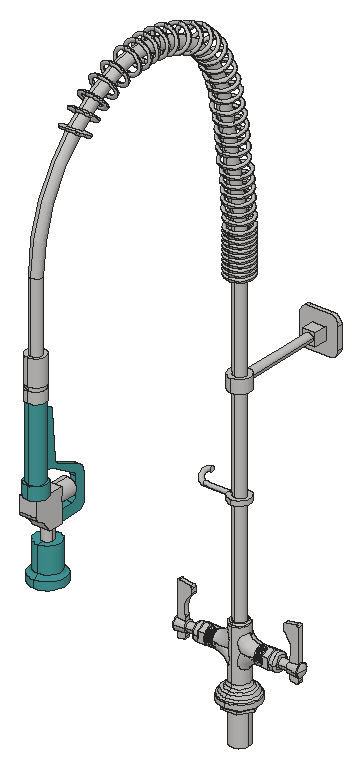
Revit family "Krowne_17-202WL_DeckMount_Pre-Rinse_Faucet", category Plumbing Fixtures, Revit 2018
Family settings
  Round Connector Dimension = Use Diameter
  Part Type = Normal
  OmniClass Number = 23.40.40.00
  OmniClass Title = Food Service Equipment and Furnishings
  Work Plane-Based = No
  Always vertical = Yes
  Cut with Voids When Loaded = No
  Shared = No
  Room Calculation Point = No
Parameters (values of type "DefaultType")
  Width = 7 5/16"
  Weight in Pounds = 5
  Watermarked By = ""
  Waste Water Discharge Temperature [instance] = -459.67 °F
  URL Cutsheet = ""
  URL = "https://krowne.com/"
  Status [instance] = ""
  Specification by User [instance] = ""
  Specification by Manufacturer [instance] = ""
  Serial Number [instance] = ""
  Revision Code [instance] = ""
  Plumbing Remarks [instance] = ""
  Plumbing Connection Type = ""
  NAFEM Spec ID Number [instance] = ""
  Model = "17-202WL"
  Masterspec [instance] = ""
  Manufacturer = "Krowne Metal"
  KCLRef = "KCL2C9,,0004c5ac-0000-0000-0000-000000000307,KR,17-202WL ,637171303380000000,108b3377-1ae2-48b4-b76d-e128d8899492,9506433c-31fe-4286-a693-e3004dd24cfc"
  KCL SpecSheet URL = "http://kclweb.kclcad.com/imagehandler.ashx?kdoc=17-202wl&R=KR&M=17-202WL%20&VC=7&TID=KCLWeb&T=doc"
  Item Number [instance] = "-"
  Installed By [instance] = ""
  Hot Water Temperature = 100 °F
  Hot Water Size = 1/2"
  Hot Water RI Height [instance] = 0"
  Hot Water Minimum Pressure = 0.00 psi
  Hot Water Maximum Pressure = 0.00 psi
  Hot Water Flow = 1.2 GPM
  Hot Water Consumption = 0 GPM
  Hot Water Connection Height = 0"
  Height = 3 3/8"
  Furnished By [instance] = ""
  Foodservice Equipment Identifier = yes
  Description = "Deck Mount Pre-Rinse"
  Depth = 1 7/8"
  Cold Water Temperature Recommended = -459.67 °F
  Cold Water Size = 1/2"
  Cold Water RI Height [instance] = 0"
  Cold Water Minimum Pressure = 0.00 psi
  Cold Water Maximum Pressure = 0.00 psi
  Cold Water Flow = 1.2 GPM
  Cold Water Consumption = ""
  Cold Water Connection Height = 0"
  CSI MasterFormat = ""
  Assembly Code = "E1090300"
Reference planes (in)
  plane 1 "BACK": y = 0
  plane 2: z = 0
  plane 3 "LEFT": x = -16.22198
  plane 4 "RIGHT": x = -8.90948
  plane 5 "CENTER L/R": x = -12.56573
  plane 6: y = -0.9375
  plane 7: y = -15
  plane 8: z = 3.8125
  plane 9: x = -13.69073
  plane 10: x = -11.44073
  plane 11: z = 4.875
  plane 12: z = 2.875
  plane 13: z = 5.1875
  plane 14: z = 6.8125
Dimensions and locks (in)
  "Width": plane 3 "LEFT" to plane 4 "RIGHT"
  plane 6 to plane 1 "BACK" = 15/16"
  equal spacing: plane 3 "LEFT", plane 5 "CENTER L/R", plane 4 "RIGHT"
  plane 7 to plane 6 = 14 1/16"
  equal spacing: plane 9, plane 5 "CENTER L/R", plane 10
  plane 9 to plane 10 = 2 1/4"
  plane 11 to plane 8 = 1 1/16"
  plane 8 to plane 12 = 15/16"
  locked: plane 13 to plane 11 at 0.3125
  locked: plane 14 to plane 13 at 1.625
  aligned and locked: level to plane 2
Nested families (in)
  nested 1: "QF_Krowne_17-202_Body" at (-0.1875, 0.1875, 0), type "QF_Krowne_17-202_Body"
  nested 2: "Spring_Faucet_Hose" at (-0.21875, -0.9375, -0.125), type "Spring_Faucet_Hose"
Connectors (in)
  piping at (-14.59698, -0.9375, -6.8125), diameter 0.5, driven by "Hot Water Flow", driven by "Hot Water Size"
    settings: on nested 1, index 1, connector inside diameter 24", connector length 0", flow factor 0, pipe flow 1.2 GPM, pressure drop 0.00 psi, fitting loss kfactor 0, connector angle 0.00°, fixture units 0, engagement length 0", angle of deflection 0.00°, flow configuration 1, flow direction 1, fitting loss method 0, system type 19, joint type 0, gender type 0, connector reference index -1, connector utility 0, adjustable connector no, is connector primary yes, connector description "HOT WATER"
  piping at (-10.53448, -0.9375, -6.8125), diameter 0.5, driven by "Cold Water Flow", driven by "Cold Water Size"
    settings: on nested 1, index 2, connector inside diameter 24", connector length 0", flow factor 0, pipe flow 1.2 GPM, pressure drop 0.00 psi, fitting loss kfactor 0, connector angle 0.00°, fixture units 0, engagement length 0", angle of deflection 0.00°, flow configuration 1, flow direction 1, fitting loss method 0, system type 20, joint type 0, gender type 0, connector reference index -1, connector utility 0, adjustable connector no, is connector primary no, connector description "COLD WATER"
Definition of nested family "QF_Krowne_17-202_Body"
  Parameters (values of type "QF_Krowne_17-202_Body")
    Width = 2 1/4"
    Watermarked By = ""
    Height = 3 7/8"
    Description = ""
    Depth = 2 1/4"
    Bottom Connections [instance] = no
  Reference planes (in)
    plane 1 "BACK": y = 0
    plane 2: z = 0
    plane 3 "LEFT": x = -13.50323
    plane 4 "RIGHT": x = -11.25323
    plane 5 "Center": x = -12.37823
    plane 6 "FRONT": y = -2.25
    plane 7 "Faucet Handle Center": y = -1.125
    plane 8: z = 4.1875
    plane 9 "Far Left": x = -14.06573
    plane 10 "Far Right": x = -10.69073
    plane 11 "1": x = -14.23366
  Forms (in)
    Extrusion 1, solid
      sketch origin (0, 0, 0) x (1, 0, 0) y (0, 1, 0)
        loop
          circle (-12.37823, -1.125) r 0.5625
      from 0 to -2.3125
    Extrusion 2, solid, visible <- "Bottom Connections"
      sketch origin (0, 0, -2.3125) x (0, 1, 0) y (1, 0, 0)
        loop
          line (-1.48584, -11.75323) -> (-1.84669, -12.37823) -> (-1.48584, -13.00323) -> (-0.76416, -13.00323) -> (-0.40331, -12.37823) -> (-0.76416, -11.75323) -> (-1.48584, -11.75323)
      from 0 to 0.625
    Extrusion 3, solid, visible <- "Bottom Connections"
      sketch origin (0, 0, -2.9375) x (-1, 0, 0) y (0, 1, 0)
        loop
          circle (12.37823, -1.125) r 0.36649
      from 0 to 1.12288
    Sweep 4, solid, visible <- "Bottom Connections"
      path origin (0, -1.125, 0) x (1, 0, 0) y (0, 0, 1)
        loop
          line (-10.34698, -5.125) -> (-10.34698, -4.9375)
          arc (-10.34698, -4.9375) -> (-10.58495, -4.36298) -> (-11.15948, -4.125) r 0.8125
          line (-11.15948, -4.125) -> (-13.59698, -4.125)
          arc (-13.59698, -4.125) -> (-14.1715, -4.36298) -> (-14.40948, -4.9375) r 0.8125
          line (-14.40948, -4.9375) -> (-14.40948, -5.125)
      profile origin (-14.40948, -1.125, -5.03125) x (0, -1, 0) y (1, 0, 0)
        loop
          circle (0, 0) r 0.375
        loop
          circle (0, 0) r 0.25
    Extrusion 5, solid, visible <- "Bottom Connections"
      sketch origin (-14.40948, -1.125, -5.125) x (-1, 0, 0) y (0, 1, 0)
        loop
          line (-0.4375, -0.25259) -> (0, -0.50518) -> (0.4375, -0.25259) -> (0.4375, 0.25259) -> (0, 0.50518) -> (-0.4375, 0.25259) -> (-0.4375, -0.25259)
        loop
          line (-3.625, -0.25259) -> (-3.625, 0.25259) -> (-4.0625, 0.50518) -> (-4.5, 0.25259) -> (-4.5, -0.25259) -> (-4.0625, -0.50518) -> (-3.625, -0.25259)
      from 0 to 0.5625
    Revolve 6, solid
      sketch origin (-12.37823, 0, 0) x (0, 1, 0) y (0, 0, 1)
        loop
          line (-1.125, 4.1875) -> (-1.125, 0) -> (0, 0) -> (0, 0.28661)
          arc (0, 0.28661) -> (-0.00476, 0.31053) -> (-0.01831, 0.33081) r 0.0625
          line (-0.01831, 0.33081) -> (-0.13939, 0.45189) -> (-0.2163, 0.61716) -> (-0.38157, 0.69407) -> (-0.50266, 0.81516)
          arc (-0.50266, 0.81516) -> (-0.5608, 0.90643) -> (-0.57493, 1.01372) r 0.25
          arc (-0.57493, 1.01372) -> (-0.50586, 2.52749) -> (-0.56291, 4.04177) r 18.20681
          arc (-0.56291, 4.04177) -> (-0.56846, 4.06301) -> (-0.58102, 4.08102) r 0.0625
          line (-0.58102, 4.08102) -> (-0.66919, 4.16919)
          arc (-0.66919, 4.16919) -> (-0.68947, 4.18274) -> (-0.71339, 4.1875) r 0.0625
          line (-0.71339, 4.1875) -> (-1.125, 4.1875)
        axis (-1.125, 4.1875) -> (-1.125, 0)
      angle from 0 to 360
    Sweep 7, solid
      path origin (0, -1.125, 0) x (1, 0, 0) y (0, 0, 1)
        loop
          line (-14.06573, 2.75) -> (-13.62823, 2.75)
          arc (-13.62823, 2.75) -> (-12.74434, 3.11612) -> (-12.37823, 4) r 1.25
      profile origin (-13.84698, -1.125, 2.75) x (0, 0, 1) y (0, -1, 0)
        loop
          circle (0, 0) r 0.5
    Sweep 8, solid
      path origin (-24.75645, -1.125, 0) x (-1, 0, 0) y (0, 0, 1)
        loop
          line (-14.06573, 2.75) -> (-13.62823, 2.75)
          arc (-13.62823, 2.75) -> (-12.74434, 3.11612) -> (-12.37823, 4) r 1.25
      profile origin (-10.90948, -1.125, 2.75) x (0, 0, -1) y (0, -1, 0)
        loop
          circle (0, 0) r 0.5
    Sweep 9, solid
      path origin (-24.75645, -1.125, 5.5) x (-1, 0, 0) y (0, 0, -1)
        loop
          line (-14.06573, 2.75) -> (-13.62823, 2.75)
          arc (-13.62823, 2.75) -> (-12.74434, 3.11612) -> (-12.37823, 4) r 1.25
      profile origin (-10.90948, -1.125, 2.75) x (0, 0, -1) y (0, -1, 0)
        loop
          circle (0, 0) r 0.5
    Sweep 10, solid
      path origin (0, -1.125, 5.5) x (1, 0, 0) y (0, 0, -1)
        loop
          line (-14.06573, 2.75) -> (-13.62823, 2.75)
          arc (-13.62823, 2.75) -> (-12.74434, 3.11612) -> (-12.37823, 4) r 1.25
      profile origin (-13.84698, -1.125, 2.75) x (0, 0, 1) y (0, -1, 0)
        loop
          circle (0, 0) r 0.5
    Extrusion 11, solid
      sketch origin (-12.37823, -1.125, 0) x (0, 1, 0) y (1, 0, 0)
        loop
          circle (0, 0) r 1
      from 0 to 0.125
    Extrusion 12, solid
      sketch origin (-12.37823, -1.125, -0.125) x (-1, 0, 0) y (0, 1, 0)
        loop
          line (0.9087, 0) -> (0.45435, 0.78696) -> (-0.45435, 0.78696) -> (-0.9087, 0) -> (-0.45435, -0.78696) -> (0.45435, -0.78696) -> (0.9087, 0)
      from 0 to 0.25
  Lines and regions (in)
    symbolic lines
      curve 1: arc (-12.37823, 0, 0) -> (-13.50323, -1.125, 0) -> (-12.37823, -2.25, 0) r 1.125
      curve 2: arc (-12.37823, -2.25, 0) -> (-11.25323, -1.125, 0) -> (-12.37823, 0, 0) r 1.125
      curve 3: line (-14.06573, -0.63786, 0) -> (-13.39229, -0.63786, 0)
      curve 4: line (-10.69073, -0.63786, 0) -> (-11.36416, -0.63786, 0)
      curve 5: line (-10.69073, -1.61214, 0) -> (-11.36416, -1.61214, 0)
      curve 6: line (-14.06573, -1.61214, 0) -> (-13.39229, -1.61214, 0)
      curve 7: circle (-12.37823, -1.125, 0) r 0.61193 normal (0, 0, 1)
  Dimensions and locks (in)
    "Width": plane 3 "LEFT" to plane 4 "RIGHT"
    equal spacing: plane 3 "LEFT", plane 5 "Center", plane 4 "RIGHT"
    equal spacing: plane 6 "FRONT", plane 7 "Faucet Handle Center", plane 1 "BACK"
    "Depth": plane 6 "FRONT" to plane 1 "BACK"
    plane 8 to level = 4 3/16"
    aligned and locked: level to plane 2
  Automatic sketch dimensions
    curve 1 to curve 2 = 0"  (x2)
    curve 1 to curve 7 = 0"  (x2)
    curve 2 to curve 7 = 0"  (x2)
    curve 3 to plane 9 "Far Left" = 0"
    curve 6 to plane 9 "Far Left" = 0"
    curve 2 to plane 5 "Center" = 0"
    curve 4 to plane 10 "Far Right" = 0"
    curve 5 to plane 10 "Far Right" = 0"
    plane 6 "FRONT" to curve 1 = 0"
    plane 7 "Faucet Handle Center" to curve 7 = 0"
    plane 3 "LEFT" to curve 6 = 0.11094"
    plane 3 "LEFT" to curve 3 = 0.11094"
    curve 4 to plane 4 "RIGHT" = 0.11094"
    curve 5 to plane 4 "RIGHT" = 0.11094"
    Extrusion 1 sketch curve to plane 5 "Center" = 0"
    plane 7 "Faucet Handle Center" to Extrusion 1 sketch curve = 0"
    Extrusion 2 to Extrusion 3 sketch curve = 5/8"  (x2)
    Sweep 4 sketch curve to plane 11 "1" = 0.17581"
    Sweep 4 sketch curve to plane 3 "LEFT" = 3/32"
    plane 4 "RIGHT" to Sweep 4 sketch curve = 3/32"
    plane 10 "Far Right" to Sweep 4 sketch curve = 11/32"
    Sweep 4 sketch curve to level = 4 15/16"
    Sweep 4 sketch curve to Sweep 4 sketch curve = 3/16"  (x2)
    Sweep 4 sketch curve to Sweep 4 sketch curve = 0"  (x2)
    plane 7 "Faucet Handle Center" to Sweep 4 sketch curve = 0"
    Sweep 4 sketch curve to profile plane = 0"
    Extrusion 5 sketch curve to Extrusion 5 sketch curve = 7/16"  (x6)
    Extrusion 5 sketch curve to Extrusion 5 sketch curve = 3 3/16"
    Extrusion 5 sketch curve to Extrusion 5 sketch curve = 0"
    Extrusion 5 sketch curve to Extrusion 5 sketch curve = 0.25259"  (x6)
    Extrusion 5 sketch curve to Extrusion 5 sketch curve = 0.50518"  (x4)
    Sweep 7 sketch curve to plane 9 "Far Left" = 0"
    Sweep 7 sketch curve to plane 5 "Center" = 0"
    Sweep 7 sketch curve to plane 3 "LEFT" = 1/8"
    Sweep 7 sketch curve to plane 8 = 1 7/16"
    Sweep 7 sketch curve to plane 7 "Faucet Handle Center" = 0"
    profile plane to Sweep 7 sketch curve = 0"
    Sweep 8 sketch curve to plane 10 "Far Right" = 0"
    Sweep 8 sketch curve to plane 5 "Center" = 0"
    Sweep 8 sketch curve to plane 4 "RIGHT" = 1/8"
    plane 8 to Sweep 8 sketch curve = 1 7/16"
    Sweep 8 sketch curve to plane 7 "Faucet Handle Center" = 0"
    Sweep 8 sketch curve to profile plane = 0"
    Sweep 9 sketch curve to plane 10 "Far Right" = 0"
    Sweep 9 sketch curve to plane 5 "Center" = 0"
    plane 4 "RIGHT" to Sweep 9 sketch curve = 1/8"
    Sweep 9 sketch curve to plane 8 = 1 7/16"
    Sweep 9 sketch curve to plane 7 "Faucet Handle Center" = 0"
    Sweep 9 sketch curve to profile plane = 0"
    Sweep 10 sketch curve to plane 9 "Far Left" = 0"
    Sweep 10 sketch curve to plane 5 "Center" = 0"
    plane 3 "LEFT" to Sweep 10 sketch curve = 1/8"
    plane 8 to Sweep 10 sketch curve = 1 7/16"
    Sweep 10 sketch curve to plane 7 "Faucet Handle Center" = 0"
    profile plane to Sweep 10 sketch curve = 0"
    Revolve 6 sketch curve to plane 7 "Faucet Handle Center" = 0"  (x2)
    Revolve 6 sketch curve to level = 0"  (x2)
    Revolve 6 sketch curve to plane 8 = 0"  (x2)
    Revolve 6 sketch curve to plane 1 "BACK" = 0"
    Revolve 6 sketch curve to plane 8 = 1.58771"
    plane 6 "FRONT" to Revolve 6 sketch curve = 16.46253"
    Revolve 6 sketch curve to plane 8 = 1/16"
    Revolve 6 sketch curve to plane 7 "Faucet Handle Center" = 0.41161"
    Revolve 6 sketch curve to plane 8 = 0.01831"
    Revolve 6 sketch curve to Revolve 6 sketch curve = 0.08818"
    Revolve 6 sketch curve to plane 8 = 0.10648"
    Revolve 6 sketch curve to Revolve 6 sketch curve = 0.04419"  (x2)
    Revolve 6 sketch curve to Revolve 6 sketch curve = 0.17678"  (x2)
    plane 1 "BACK" to Revolve 6 sketch curve = 1/16"
    plane 1 "BACK" to Revolve 6 sketch curve = 0.01831"
    Revolve 6 sketch curve to Revolve 6 sketch curve = 0.28661"
    Revolve 6 sketch curve to Revolve 6 sketch curve = 0"
    Revolve 6 sketch curve to Revolve 6 sketch curve = 31/256"  (x3)
    plane 1 "BACK" to Revolve 6 sketch curve = 0.50266"
    plane 1 "BACK" to Revolve 6 sketch curve = 0.13939"
    Revolve 6 sketch curve to Revolve 6 sketch curve = 0.07691"  (x2)
    Revolve 6 sketch curve to Revolve 6 sketch curve = 0.16527"
    radius of curve 7 = 0.61193"
    radius of Extrusion 1 sketch curve = 9/16"
    radius of Extrusion 3 sketch curve = 0.36649"
    radius of Sweep 4 sketch curve = 3/8"
    radius of Sweep 4 sketch curve = 1/4"
    radius of Sweep 7 sketch curve = 1/2"
    radius of Sweep 8 sketch curve = 1/2"
    radius of Sweep 9 sketch curve = 1/2"
    radius of Sweep 10 sketch curve = 1/2"
    radius of Extrusion 11 sketch curve to Revolve 6 = 1/8"
  Nested families (in)
    nested 1: "QF_Krowne_Faucet_Knob" at (-2.3125, -0.21875, 2.75), type "QF_Krowne_Faucet_Knob"
    nested 2: "QF_Krowne_Faucet_Knob" at (-22.44395, -0.21875, 2.75) x (-1, 0, 0) z (0, 0, 1), type "QF_Krowne_Faucet_Knob"
  Definition of nested family "QF_Krowne_Faucet_Knob"
    Parameters (values of type "QF_Krowne_Faucet_Knob")
      Width = 12 3/4"
      Watermarked By = ""
      Height = 3 7/8"
      Description = ""
      Depth = 1 13/16"
    Reference planes (in)
      plane 1 "BACK": y = 0
      plane 2: z = 0
      plane 3 "Right of Handle": x = -8.37823
      plane 4 "FRONT": y = -1.8125
      plane 5 "Faucet Handle Center": y = -0.90625
      plane 6: y = -0.78125
      plane 7: y = -1.03125
    Forms (in)
      Extrusion 1, solid
        sketch origin (-8.37823, 0, 8.37823) x (0, 1, 0) y (0, 0, 1)
          loop
            line (-0.90625, -7.81573) -> (-1.39339, -8.09698) -> (-1.39339, -8.65948) -> (-0.90625, -8.94073) -> (-0.41911, -8.65948) -> (-0.41911, -8.09698) -> (-0.90625, -7.81573)
        from 0 to 0.375
      Revolve 2, solid
        sketch origin (-12.37823, 0, 0) x (0, 1, 0) y (-1, 0, 0)
          loop
            line (-0.90625, -4.375) -> (-0.90625, -4.75) -> (-0.53125, -4.75)
            arc (-0.53125, -4.75) -> (-0.44286, -4.71339) -> (-0.40625, -4.625) r 0.125
            line (-0.40625, -4.625) -> (-0.40625, -4.375) -> (-0.90625, -4.375)
          axis (-0.90625, -4.375) -> (-0.90625, -4.75)
        angle from 0 to 360
      Revolve 3, solid
        sketch origin (-12.37823, 0, 0) x (0, 1, 0) y (-1, 0, 0)
          loop
            line (-0.90625, -4.75) -> (-0.90625, -5.3125) -> (-0.65625, -5.3125) -> (-0.65625, -4.75) -> (-0.90625, -4.75)
          axis (-0.90625, -4.75) -> (-0.90625, -5.3125)
        angle from 0 to 360
      Revolve 4, solid
        sketch origin (-12.37823, 0, 0) x (0, 1, 0) y (-1, 0, 0)
          loop
            line (-0.90625, -5.3125) -> (-0.90625, -5.9375) -> (-0.53125, -5.9375) -> (-0.59375, -5.3125) -> (-0.90625, -5.3125)
          axis (-0.90625, -5.3125) -> (-0.90625, -5.9375)
        angle from 0 to 360
      Revolve 5, solid
        sketch origin (-12.37823, 0, 0) x (0, 1, 0) y (-1, 0, 0)
          loop
            line (-0.90625, -5.9375) -> (-0.90625, -6.0625)
            arc (-0.90625, -6.0625) -> (-0.70704, -6.03513) -> (-0.53125, -5.9375) r 0.54601
            line (-0.53125, -5.9375) -> (-0.90625, -5.9375)
          axis (-0.90625, -5.9375) -> (-0.90625, -6.0625)
        angle from 0 to 360
      Extrusion 6, solid
        sketch origin (-12.37823, -0.90625, 8.37823) x (0, 0, 1) y (-1, 0, 0)
          loop
            arc (-6.12823, -5.875) -> (-6.03156, -5.82925) -> (-6.00565, -5.72549) r 0.125
            line (-6.00565, -5.72549) -> (-6.13064, -5.10053)
            arc (-6.13064, -5.10053) -> (-6.17396, -5.02837) -> (-6.25321, -5.00004) r 0.125
            line (-6.25321, -5.00004) -> (-6.5031, -5.00004)
            arc (-6.5031, -5.00004) -> (-6.55588, -5.01173) -> (-6.59879, -5.04462) r 0.125
            arc (-6.59879, -5.04462) -> (-7.17151, -5.40979) -> (-7.85017, -5.38199) r 1.13354
            arc (-7.85017, -5.38199) -> (-7.871, -5.37648) -> (-7.89247, -5.37462) r 0.125
            line (-7.89247, -5.37462) -> (-8.92568, -5.37462)
            arc (-8.92568, -5.37462) -> (-9.00493, -5.40295) -> (-9.04825, -5.47511) r 0.125
            line (-9.04825, -5.47511) -> (-9.09832, -5.72549)
            arc (-9.09832, -5.72549) -> (-9.07242, -5.82925) -> (-8.97575, -5.875) r 0.125
            line (-8.97575, -5.875) -> (-6.12823, -5.875)
        from -0.125 to 0.125
    Lines and regions (in)
      symbolic lines
        curve 1: line (-8.37823, -1.39339, 1.0625) -> (-8.37823, -0.41911, 1.0625)
        curve 2: line (-8.00323, -0.41911, 1.0625) -> (-8.00323, -1.39339, 1.0625)
        curve 3: line (-7.62823, -0.54411, 1.0625) -> (-7.62823, -1.26839, 1.0625)
        curve 4: line (-7.75323, -0.41911, 1.0625) -> (-8.37823, -0.41911, 1.0625)
        curve 5: line (-8.37823, -1.39339, 1.0625) -> (-7.75323, -1.39339, 1.0625)
        curve 6: line (-7.06573, -0.59375, 1.0625) -> (-7.06573, -1.21875, 1.0625)
        curve 7: line (-6.44073, -0.53125, 1.0625) -> (-6.44073, -1.28125, 1.0625)
        curve 8: arc (-7.62823, -0.54411, 1.0625) -> (-7.66484, -0.45572, 1.0625) -> (-7.75323, -0.41911, 1.0625) r 0.125
        curve 9: arc (-7.75323, -1.39339, 1.0625) -> (-7.66484, -1.35678, 1.0625) -> (-7.62823, -1.26839, 1.0625) r 0.125
        curve 10: line (-7.06573, -0.59375, 1.0625) -> (-6.44073, -0.53125, 1.0625)
        curve 11: line (-7.06573, -1.21875, 1.0625) -> (-6.44073, -1.28125, 1.0625)
        curve 12: arc (-6.44073, -1.28125, 1.0625) -> (-6.2854, -0.90625, 1.0625) -> (-6.44073, -0.53125, 1.0625) r 0.53035
        curve 13: line (-7.62823, -0.66911, 1.0625) -> (-7.06573, -0.66911, 1.0625)
        curve 14: line (-7.62823, -1.14339, 1.0625) -> (-7.06573, -1.14339, 1.0625)
    Dimensions and locks (in)
      equal spacing: plane 4 "FRONT", plane 5 "Faucet Handle Center", plane 1 "BACK"
      equal spacing: plane 7, plane 5 "Faucet Handle Center", plane 6
      locked: plane 7 to plane 6 at 0.25
      "Depth": plane 4 "FRONT" to plane 1 "BACK"
      aligned and locked: level to plane 2
      aligned and locked: Revolve 2 sketch curve to Extrusion 1
      aligned and locked: Revolve 4 sketch curve to Revolve 4 sketch curve
    Automatic sketch dimensions
      Extrusion 1 sketch curve to plane 5 "Faucet Handle Center" = 0"  (x2)
      Extrusion 1 sketch curve to level = 9/32"  (x2)
      plane 7 to Extrusion 1 sketch curve = 0.36214"
      Extrusion 1 sketch curve to plane 6 = 0.36214"
      Extrusion 1 sketch curve to level = 9/16"
      level to Extrusion 1 sketch curve = 9/32"  (x2)
      Extrusion 1 sketch curve to Extrusion 1 sketch curve = 9/32"
      plane 5 "Faucet Handle Center" to Revolve 2 sketch curve = 0"  (x2)
      Revolve 2 sketch curve to plane 6 = 1/4"
      Revolve 2 sketch curve to Revolve 2 sketch curve = 1/8"
      Revolve 2 sketch curve to Revolve 2 sketch curve = 0"  (x2)
      Revolve 2 sketch curve to Revolve 2 sketch curve = 1/4"
      plane 5 "Faucet Handle Center" to Revolve 3 sketch curve = 0"  (x2)
      Revolve 3 sketch curve to plane 6 = 1/8"
      plane 3 "Right of Handle" to Revolve 3 sketch curve = 1 5/16"
      Revolve 3 sketch curve to Revolve 3 sketch curve = 9/16"
      Revolve 3 sketch curve to Revolve 3 sketch curve = 0"
      Revolve 3 sketch curve to Revolve 3 sketch curve = 3/8"
      plane 5 "Faucet Handle Center" to Revolve 4 sketch curve = 0"
      Revolve 4 sketch curve to plane 6 = 3/16"
      Revolve 4 sketch curve to plane 6 = 1/4"
      plane 3 "Right of Handle" to Revolve 4 sketch curve = 1 15/16"
      Revolve 4 sketch curve to Revolve 4 sketch curve = 5/8"
      Revolve 4 sketch curve to Revolve 4 sketch curve = 0"  (x2)
      plane 5 "Faucet Handle Center" to Revolve 5 sketch curve = 0"  (x2)
      Revolve 5 sketch curve to plane 5 "Faucet Handle Center" = 0.02655"
      Revolve 5 sketch curve to plane 6 = 1/4"
      plane 3 "Right of Handle" to Revolve 5 sketch curve = 2 1/16"
      Revolve 5 sketch curve to Revolve 5 sketch curve = 1/8"
      Revolve 5 sketch curve to Revolve 5 sketch curve = 0"  (x2)
      Extrusion 6 sketch curve to level = 0.7201"
      Extrusion 6 sketch curve to Extrusion 6 sketch curve = 0.05007"
      Extrusion 6 sketch curve to Extrusion 6 sketch curve = 0.12257"  (x4)
      level to Extrusion 6 sketch curve = 0.48575"
      level to Extrusion 6 sketch curve = 0.91165"
      Extrusion 6 sketch curve to Extrusion 6 sketch curve = 0.96348"
      Extrusion 6 sketch curve to Extrusion 6 sketch curve = 0.24989"
      Extrusion 6 sketch curve to Extrusion 6 sketch curve = 1/8"  (x3)
      plane 3 "Right of Handle" to Extrusion 6 sketch curve = 1 7/8"
      Extrusion 6 sketch curve to Extrusion 6 sketch curve = 0.25038"
      Extrusion 6 sketch curve to Extrusion 6 sketch curve = 0"  (x3)
      Extrusion 6 sketch curve to Extrusion 6 sketch curve = 0.02451"  (x2)
      Extrusion 6 sketch curve to Extrusion 6 sketch curve = 0.62496"
      Extrusion 6 sketch curve to Extrusion 6 sketch curve = 1.05929"
      curve 5 to plane 3 "Right of Handle" = 0"
      plane 5 "Faucet Handle Center" to curve 12 = 0"
      plane 7 to curve 11 = 3/16"
      plane 7 to curve 9 = 0.23714"
      plane 7 to curve 7 = 1/4"
      plane 7 to curve 1 = 0.36214"
      curve 6 to plane 6 = 3/16"
      curve 8 to plane 6 = 0.23714"
      curve 4 to plane 6 = 0.36214"
      curve 4 to curve 1 = 5/8"
      curve 10 to curve 8 = 9/16"
      curve 12 to curve 13 = 0.24997"
      curve 7 to curve 12 = 0.37503"
      curve 6 to curve 14 = 0.07536"
      curve 13 to plane 6 = 0.11214"
      curve 4 to curve 2 = 1/4"
Definition of nested family "Spring_Faucet_Hose"
  Parameters (values of type "Spring_Faucet_Hose")
    Width = 8 3/8"
    Watermarked By = ""
    Height = 3 7/8"
    Description = ""
    Depth = 1 7/8"
  Reference planes (in)
    plane 1 "BACK": y = 0
    plane 2: z = 0
    plane 3 "TOP": z = 3.875
    plane 4 "Center": x = -12.37823
    plane 5 "Top of Body": z = 1.75
    plane 6: z = 0.875
    plane 7: y = -14.0625
    plane 8: z = 37.875
    plane 9 "Bottom of Hose Handle": z = 16.5
    plane 10: z = 17.25
    plane 11: y = 0.625
    plane 12 "Back of Back Support": y = 6.125
    plane 13: y = 5.875
    plane 14: y = 5.125
  Forms (in)
    Extrusion 1, solid
      sketch origin (-12.34698, 0.00055, 0) x (0, -1, 0) y (1, 0, 0)
        loop
          circle (0, 0) r 0.34
      from 3.9375 to 22.66293
    Revolve 2, solid
      sketch origin (-12.34698, -1.24106, -1.3414) x (0, -1, 0) y (0, 0, 1)
        loop
          line (13.735, 18.775) -> (14.36, 18.775) -> (14.36, 19.525) -> (14.235, 19.525) -> (14.235, 23.8375) -> (13.735, 23.8375) -> (13.735, 18.775)
        axis (13.735, 18.775) -> (13.735, 23.8375)
      angle from 0 to 360
    Sweep 3, solid
      path origin (-12.34698, 0.00055, 0) x (0, -1, 0) y (0, 0, 1)
        loop
          line (14.97661, 24.8711) -> (14.97661, 28.97682)
          arc (14.97661, 28.97682) -> (13.32386, 34.08275) -> (8.99261, 37.25171) r 8.71341
          arc (8.99261, 37.25171) -> (7.63531, 37.49897) -> (6.2621, 37.36589) r 5
          arc (6.2621, 37.36589) -> (5.2285, 37.04462) -> (4.2465, 36.58942) r 8.16291
          arc (4.2465, 36.58942) -> (2.24397, 34.81418) -> (1.21248, 32.34486) r 6
          line (1.21248, 32.34486) -> (0.0873, 25.82095)
          arc (0.0873, 25.82095) -> (0.02186, 25.31293) -> (0, 24.80118) r 6
          line (0, 24.80118) -> (0, 22.66293)
      profile origin (-12.34698, -14.97606, 26.92396) x (0, 1, 0) y (-1, 0, 0)
        loop
          circle (0, 0) r 0.33984
    Sweep 4, solid
      path origin (-12.34698, 9.48903, 20.56535) x (1, 0, 0) y (0, -0.694658, -0.71934)
        loop
          line (-0.03125, 13.66) -> (-2.03125, 13.66)
          arc (-2.03125, 13.66) -> (-2.40625, 13.285) -> (-2.03125, 12.91) r 0.375
      profile origin (-13.37823, 0, 10.73917) x (0, 0.694658, 0.71934) y (0, 0.71934, -0.694658)
        loop
          circle (0, 0) r 0.125
    Sweep 5, solid
      path origin (-12.34698, -28.56106, -1.3414) x (0, 1, 0) y (0, 0, -1)
        loop
          line (14.46, -16.8375) -> (14.46, -16.0875)
      profile origin (-12.34698, -14.10106, 15.1211) x (-1, 0, 0) y (0, -1, 0)
        loop
          circle (0, 0) r 0.3125
    Revolve 6, solid
      sketch origin (-12.34698, -28.56106, -1.3414) x (0, 1, 0) y (0, 0, -1)
        loop
          line (14.46, -16.0875) -> (15.21, -16.0875) -> (15.21, -14.5875)
          arc (15.21, -14.5875) -> (15.28322, -14.41072) -> (15.46, -14.3375) r 0.25
          line (15.46, -14.3375) -> (15.46, -13.9) -> (14.46, -13.9) -> (14.46, -16.0875)
        axis (14.46, -13.9) -> (14.46, -16.0875)
      angle from 0 to 360
    Extrusion 7, solid
      sketch origin (-12.34698, -28.56106, -1.3414) x (0, 1, 0) y (0, 0, -1)
        loop
          arc (15.335, -16.71016) -> (15.02261, -17.01446) -> (15.31861, -17.33473) r 0.3125
          line (15.31861, -17.33473) -> (16.06861, -17.33473)
          arc (16.06861, -17.33473) -> (16.24539, -17.40795) -> (16.31861, -17.58473) r 0.25
          line (16.31861, -17.58473) -> (16.31861, -18.62984)
          arc (16.31861, -18.62984) -> (16.28585, -18.75357) -> (16.19614, -18.84486) r 0.25
          line (16.19614, -18.84486) -> (14.5225, -19.8375) -> (14.2725, -19.8375) -> (14.2725, -23.15)
          arc (14.2725, -23.15) -> (14.44928, -23.07678) -> (14.5225, -22.9) r 0.25
          line (14.5225, -22.9) -> (14.73264, -20.16098)
          arc (14.73264, -20.16098) -> (14.77513, -20.0396) -> (14.87232, -19.9554) r 0.25
          line (14.87232, -19.9554) -> (16.56935, -19.12771)
          arc (16.56935, -19.12771) -> (16.77419, -18.94327) -> (16.85017, -18.67831) r 0.5
          line (16.85017, -18.67831) -> (16.85017, -16.97532) -> (16.585, -16.71016) -> (15.335, -16.71016)
      from -0.17817 to 0.15894
    Revolve 8, solid
      sketch origin (-12.34698, -28.56106, -1.3414) x (0, 1, 0) y (0, 0, -1)
        loop
          line (14.8975, -18.7125) -> (15.8975, -18.7125) -> (15.8975, -18.4625) -> (16.0225, -18.4625) -> (16.0225, -18.2125) -> (14.8975, -18.2125) -> (14.8975, -18.7125)
        axis (16.0225, -18.2125) -> (14.8975, -18.2125)
      angle from 0 to 360
    Sweep 9, solid
      path origin (-12.34698, 0.00055, 22.53) x (0, -1, 0) y (1, 0, 0)
        loop
          circle (0, 0) r 0.72
      profile origin (-11.62698, 0.00055, 22.53) x (-1, 0, 0) y (0, 0, 1)
        loop
          circle (0, 0) r 0.08178
    Sweep 10, solid
      path origin (-12.34698, 0.00055, 23.03) x (0, -1, 0) y (1, 0, 0)
        loop
          circle (0, 0) r 0.72
      profile origin (-11.62698, 0.00055, 23.03) x (-1, 0, 0) y (0, 0, 1)
        loop
          circle (0, 0) r 0.08178
    Sweep 11, solid
      path origin (-12.34698, 0.00055, 23.53) x (0, -1, 0) y (1, 0, 0)
        loop
          circle (0, 0) r 0.72
      profile origin (-11.62698, 0.00055, 23.53) x (-1, 0, 0) y (0, 0, 1)
        loop
          circle (0, 0) r 0.08178
    Sweep 12, solid
      path origin (-12.34698, 0.00055, 24.03) x (0, -1, 0) y (1, 0, 0)
        loop
          circle (0, 0) r 0.72
      profile origin (-11.62698, 0.00055, 24.03) x (-1, 0, 0) y (0, 0, 1)
        loop
          circle (0, 0) r 0.08178
    Sweep 13, solid
      path origin (-12.34698, 0.00055, 24.53) x (0, -1, 0) y (1, 0, 0)
        loop
          circle (0, 0) r 0.72
      profile origin (-11.62698, 0.00055, 24.53) x (-1, 0, 0) y (0, 0, 1)
        loop
          circle (0, 0) r 0.08178
    Sweep 14, solid
      path origin (-12.34698, 0.00055, 25.03) x (0, -0.997564, -0.069756) y (1, 0, 0)
        loop
          circle (0, 0) r 0.72
      profile origin (-11.62698, 0.00055, 25.03) x (-1, 0, 0) y (0, -0.069756, 0.997564)
        loop
          circle (0, 0) r 0.08178
    Sweep 15, solid
      path origin (-12.34698, 0.00055, 25.53) x (0, -0.99863, -0.052336) y (1, 0, 0)
        loop
          circle (0, 0) r 0.72
      profile origin (-11.62698, 0.00055, 25.53) x (-1, 0, 0) y (0, -0.052336, 0.99863)
        loop
          circle (0, 0) r 0.08178
    Sweep 16, solid
      path origin (-12.34698, -0.08628, 26.0224) x (0, -0.997564, -0.069756) y (1, 0, 0)
        loop
          circle (0, 0) r 0.72
      profile origin (-11.62698, -0.08628, 26.0224) x (-1, 0, 0) y (0, -0.069756, 0.997564)
        loop
          circle (0, 0) r 0.08178
    Sweep 17, solid
      path origin (-12.34698, -0.10657, 26.52982) x (0, -0.997564, -0.069756) y (1, 0, 0)
        loop
          circle (0, 0) r 0.72
      profile origin (-11.62698, -0.10657, 26.52982) x (-1, 0, 0) y (0, -0.069756, 0.997564)
        loop
          circle (0, 0) r 0.08178
    Sweep 18, solid
      path origin (-12.34698, -0.12687, 27.03723) x (0, -0.997564, -0.069756) y (1, 0, 0)
        loop
          circle (0, 0) r 0.72
      profile origin (-11.62698, -0.12687, 27.03723) x (-1, 0, 0) y (0, -0.069756, 0.997564)
        loop
          circle (0, 0) r 0.08178
    Sweep 19, solid
      path origin (-12.34698, -0.18776, 27.54465) x (0, -0.997564, -0.069756) y (1, 0, 0)
        loop
          circle (0, 0) r 0.72
      profile origin (-11.62698, -0.18776, 27.54465) x (-1, 0, 0) y (0, -0.069756, 0.997564)
        loop
          circle (0, 0) r 0.08178
    Sweep 20, solid
      path origin (-12.34698, -0.20806, 28.07236) x (0, -0.997564, -0.069756) y (1, 0, 0)
        loop
          circle (0, 0) r 0.72
      profile origin (-11.62698, -0.20806, 28.07236) x (-1, 0, 0) y (0, -0.069756, 0.997564)
        loop
          circle (0, 0) r 0.08178
    Sweep 21, solid
      path origin (-12.34698, -0.42955, 28.74215) x (0, -0.992546, -0.121869) y (1, 0, 0)
        loop
          circle (0, 0) r 0.72
      profile origin (-11.62698, -0.42955, 28.74215) x (-1, 0, 0) y (0, -0.121869, 0.992546)
        loop
          circle (0, 0) r 0.08178
    Sweep 22, solid
      path origin (-12.34698, -0.47014, 29.37135) x (0, -0.997564, -0.069756) y (1, 0, 0)
        loop
          circle (0, 0) r 0.72
      profile origin (-11.62698, -0.47014, 29.37135) x (-1, 0, 0) y (0, -0.069756, 0.997564)
        loop
          circle (0, 0) r 0.08178
    Sweep 23, solid
      path origin (-12.34698, -0.55133, 29.98025) x (0, -0.987688, -0.156434) y (1, 0, 0)
        loop
          circle (0, 0) r 0.72
      profile origin (-11.62698, -0.55133, 29.98025) x (-1, 0, 0) y (0, -0.156434, 0.987688)
        loop
          circle (0, 0) r 0.08178
    Sweep 24, solid
      path origin (-12.34698, -0.59192, 30.50796) x (0, -0.978148, -0.207912) y (1, 0, 0)
        loop
          circle (0, 0) r 0.72
      profile origin (-11.62698, -0.59192, 30.50796) x (-1, 0, 0) y (0, -0.207912, 0.978148)
        loop
          circle (0, 0) r 0.08178
    Sweep 25, solid
      path origin (-12.34698, -0.73005, 31.15254) x (0, -0.984808, -0.173648) y (1, 0, 0)
        loop
          circle (0, 0) r 0.72
      profile origin (-11.62698, -0.73005, 31.15254) x (-1, 0, 0) y (0, -0.173648, 0.984808)
        loop
          circle (0, 0) r 0.08178
    Sweep 26, solid
      path origin (-12.34698, -0.89887, 31.78177) x (0, -0.990268, -0.139173) y (1, 0, 0)
        loop
          circle (0, 0) r 0.72
      profile origin (-11.62698, -0.89887, 31.78177) x (-1, 0, 0) y (0, -0.139173, 0.990268)
        loop
          circle (0, 0) r 0.08178
    Sweep 27, solid
      path origin (-12.34698, -1.01946, 32.50309) x (0, -0.978148, -0.207912) y (1, 0, 0)
        loop
          circle (0, 0) r 0.72
      profile origin (-11.62698, -1.01946, 32.50309) x (-1, 0, 0) y (0, -0.207912, 0.978148)
        loop
          circle (0, 0) r 0.08178
    Sweep 28, solid
      path origin (-12.34698, -1.2136, 33.15611) x (0, -0.978148, -0.207912) y (1, 0, 0)
        loop
          circle (0, 0) r 0.72
      profile origin (-11.62698, -1.2136, 33.15611) x (-1, 0, 0) y (0, -0.207912, 0.978148)
        loop
          circle (0, 0) r 0.08178
    Sweep 29, solid
      path origin (-12.34698, -1.45259, 33.82678) x (0, -0.951057, -0.309017) y (1, 0, 0)
        loop
          circle (0, 0) r 0.72
      profile origin (-11.62698, -1.45259, 33.82678) x (-1, 0, 0) y (0, -0.309017, 0.951057)
        loop
          circle (0, 0) r 0.08178
    Sweep 30, solid
      path origin (-12.34698, -1.77983, 34.5151) x (0, -0.927184, -0.374607) y (1, 0, 0)
        loop
          circle (0, 0) r 0.72
      profile origin (-11.62698, -1.77983, 34.5151) x (-1, 0, 0) y (0, -0.374607, 0.927184)
        loop
          circle (0, 0) r 0.08178
    Sweep 31, solid
      path origin (-12.34698, -2.13282, 35.18577) x (0, -0.848048, -0.529919) y (1, 0, 0)
        loop
          circle (0, 0) r 0.72
      profile origin (-11.62698, -2.13282, 35.18577) x (-1, 0, 0) y (0, -0.529919, 0.848048)
        loop
          circle (0, 0) r 0.08178
    Sweep 32, solid
      path origin (-12.34698, -2.57405, 35.71525) x (0, -0.745676, -0.666309) y (1, 0, 0)
        loop
          circle (0, 0) r 0.72
      profile origin (-11.62698, -2.57405, 35.71525) x (-1, 0, 0) y (0, -0.666309, 0.745676)
        loop
          circle (0, 0) r 0.08178
    Sweep 33, solid
      path origin (-12.34698, -3.08588, 36.20943) x (0, -0.632262, -0.774755) y (1, 0, 0)
        loop
          circle (0, 0) r 0.72
      profile origin (-11.62698, -3.08588, 36.20943) x (-1, 0, 0) y (0, -0.774755, 0.632262)
        loop
          circle (0, 0) r 0.08178
    Sweep 34, solid
      path origin (-12.34698, -3.78375, 36.58816) x (0, -0.434326, -0.900756) y (1, 0, 0)
        loop
          circle (0, 0) r 0.72
      profile origin (-11.62698, -3.78375, 36.58816) x (-1, 0, 0) y (0, -0.900756, 0.434326)
        loop
          circle (0, 0) r 0.08178
    Sweep 35, solid
      path origin (-12.34698, -4.67576, 36.96689) x (0, -0.434326, -0.900756) y (1, 0, 0)
        loop
          circle (0, 0) r 0.72
      profile origin (-11.62698, -4.67576, 36.96689) x (-1, 0, 0) y (0, -0.900756, 0.434326)
        loop
          circle (0, 0) r 0.08178
    Sweep 36, solid
      path origin (-12.34698, -5.50528, 37.24928) x (0, -0.134719, -0.990884) y (1, 0, 0)
        loop
          circle (0, 0) r 0.72
      profile origin (-11.62698, -5.50528, 37.24928) x (-1, 0, 0) y (0, -0.990884, 0.134719)
        loop
          circle (0, 0) r 0.08178
    Sweep 37, solid
      path origin (-12.34698, -6.1936, 37.37282) x (0, -0.065271, -0.997868) y (1, 0, 0)
        loop
          circle (0, 0) r 0.72
      profile origin (-11.62698, -6.1936, 37.37282) x (-1, 0, 0) y (0, -0.997868, 0.065271)
        loop
          circle (0, 0) r 0.08178
    Sweep 38, solid
      path origin (-12.34698, -6.92531, 37.43387) x (0, 0.027071, -0.999634) y (1, 0, 0)
        loop
          circle (0, 0) r 0.72
      profile origin (-11.62698, -6.92531, 37.43387) x (-1, 0, 0) y (0, -0.999634, -0.027071)
        loop
          circle (0, 0) r 0.08178
    Sweep 39, solid
      path origin (-12.34698, -12.08993, 35.33924) x (0, 0.848048, -0.529919) y (-1, 0, 0)
        loop
          circle (0, 0) r 0.72
      profile origin (-11.62698, -12.08993, 35.33924) x (1, 0, 0) y (0, 0.529919, 0.848048)
        loop
          circle (0, 0) r 0.08178
    Sweep 40, solid
      path origin (-12.34698, -11.44919, 35.94546) x (0, 0.745676, -0.666309) y (-1, 0, 0)
        loop
          circle (0, 0) r 0.72
      profile origin (-11.62698, -11.44919, 35.94546) x (1, 0, 0) y (0, 0.666309, 0.745676)
        loop
          circle (0, 0) r 0.08178
    Sweep 41, solid
      path origin (-12.34698, -10.78722, 36.39693) x (0, 0.632262, -0.774755) y (-1, 0, 0)
        loop
          circle (0, 0) r 0.72
      profile origin (-11.62698, -10.78722, 36.39693) x (1, 0, 0) y (0, 0.774755, 0.632262)
        loop
          circle (0, 0) r 0.08178
    Sweep 42, solid
      path origin (-12.34698, -9.9956, 36.77566) x (0, 0.434326, -0.900756) y (-1, 0, 0)
        loop
          circle (0, 0) r 0.72
      profile origin (-11.62698, -9.9956, 36.77566) x (1, 0, 0) y (0, 0.900756, 0.434326)
        loop
          circle (0, 0) r 0.08178
    Sweep 43, solid
      path origin (-12.34698, -9.16608, 37.06064) x (0, 0.386588, -0.922252) y (-1, 0, 0)
        loop
          circle (0, 0) r 0.72
      profile origin (-11.62698, -9.16608, 37.06064) x (1, 0, 0) y (0, 0.922252, 0.386588)
        loop
          circle (0, 0) r 0.08178
    Sweep 44, solid
      path origin (-12.34698, -8.24282, 37.31178) x (0, 0.134719, -0.990884) y (-1, 0, 0)
        loop
          circle (0, 0) r 0.72
      profile origin (-11.62698, -8.24282, 37.31178) x (1, 0, 0) y (0, 0.990884, 0.134719)
        loop
          circle (0, 0) r 0.08178
    Sweep 45, solid
      path origin (-12.34698, -7.492, 37.37282) x (0, 0.065271, -0.997868) y (-1, 0, 0)
        loop
          circle (0, 0) r 0.72
      profile origin (-11.62698, -7.492, 37.37282) x (1, 0, 0) y (0, 0.997868, 0.065271)
        loop
          circle (0, 0) r 0.08178
    Sweep 46, solid
      path origin (-12.34698, 0.00055, 22.79237) x (0, -1, 0) y (1, 0, 0)
        loop
          circle (0, 0) r 0.72
      profile origin (-11.62698, 0.00055, 22.79237) x (-1, 0, 0) y (0, 0, 1)
        loop
          circle (0, 0) r 0.08178
    Sweep 47, solid
      path origin (-12.34698, 0.00055, 23.29237) x (0, -1, 0) y (1, 0, 0)
        loop
          circle (0, 0) r 0.72
      profile origin (-11.62698, 0.00055, 23.29237) x (-1, 0, 0) y (0, 0, 1)
        loop
          circle (0, 0) r 0.08178
    Sweep 48, solid
      path origin (-12.34698, 0.00055, 23.79237) x (0, -1, 0) y (1, 0, 0)
        loop
          circle (0, 0) r 0.72
      profile origin (-11.62698, 0.00055, 23.79237) x (-1, 0, 0) y (0, 0, 1)
        loop
          circle (0, 0) r 0.08178
    Sweep 49, solid
      path origin (-12.34698, 0.00055, 24.29237) x (0, -1, 0) y (1, 0, 0)
        loop
          circle (0, 0) r 0.72
      profile origin (-11.62698, 0.00055, 24.29237) x (-1, 0, 0) y (0, 0, 1)
        loop
          circle (0, 0) r 0.08178
    Sweep 50, solid
      path origin (-12.34698, 0.00055, 24.79237) x (0, -1, 0) y (1, 0, 0)
        loop
          circle (0, 0) r 0.72
      profile origin (-11.62698, 0.00055, 24.79237) x (-1, 0, 0) y (0, 0, 1)
        loop
          circle (0, 0) r 0.08178
    Extrusion 51, solid
      sketch origin (0, 0, 16.5) x (0, 1, 0) y (-1, 0, 0)
        loop
          circle (0.00055, 12.34698) r 0.625
        loop
          circle (0.00055, 12.34698) r 0.34
      from 0 to 0.75
    Extrusion 52, solid
      sketch origin (0, 6.125, 0) x (1, 0, 0) y (0, 0, 1)
        loop
          line (-11.75323, 18) -> (-13.00323, 18)
          arc (-13.00323, 18) -> (-13.35678, 17.85355) -> (-13.50323, 17.5) r 0.5
          line (-13.50323, 17.5) -> (-13.50323, 16.25)
          arc (-13.50323, 16.25) -> (-13.35678, 15.89645) -> (-13.00323, 15.75) r 0.5
          line (-13.00323, 15.75) -> (-11.75323, 15.75)
          arc (-11.75323, 15.75) -> (-11.39967, 15.89645) -> (-11.25323, 16.25) r 0.5
          line (-11.25323, 16.25) -> (-11.25323, 17.5)
          arc (-11.25323, 17.5) -> (-11.39967, 17.85355) -> (-11.75323, 18) r 0.5
      from 0 to 0.25
    Extrusion 53, solid
      sketch origin (0, 5.875, 0) x (1, 0, 0) y (0, 0, 1)
        loop
          line (-12.00323, 17.25) -> (-12.75323, 17.25) -> (-12.75323, 16.5) -> (-12.00323, 16.5) -> (-12.00323, 17.25)
      from 0 to 0.75
    Extrusion 54, solid
      sketch origin (0, 5.125, 0) x (1, 0, 0) y (0, 0, 1)
        loop
          circle (-12.37823, 16.875) r 0.25
      from 0 to 4.5
    Extrusion 55, solid
      sketch origin (-12.37823, 0, 0) x (0, 1, 0) y (0, 0, 1)
        loop
          line (-13.66356, 15.4961) -> (-13.66356, 17.4336) -> (-15.47606, 17.4336) -> (-15.47606, 16.5586)
          arc (-15.47606, 16.5586) -> (-15.44221, 16.43298) -> (-15.34983, 16.34139) r 0.25
          arc (-15.34983, 16.34139) -> (-14.88291, 15.97756) -> (-14.53856, 15.4961) r 2.0625
          line (-14.53856, 15.4961) -> (-13.66356, 15.4961)
      from -0.5 to 0.5
    Revolve 56, solid
      sketch origin (-12.34698, -1.24106, -1.3414) x (0, -1, 0) y (0, 0, 1)
        loop
          line (13.735, 23.8375) -> (14.2975, 23.8375) -> (14.2975, 24.4625) -> (14.235, 24.4625) -> (14.235, 24.7125) -> (14.2975, 24.7125) -> (14.2975, 26.2125) -> (13.735, 26.2125) -> (13.735, 23.8375)
        axis (13.735, 23.8375) -> (13.735, 26.2125)
      angle from 0 to 360
    Extrusion 57, solid
      sketch origin (0, 0, 10.6067) x (0, 1, 0) y (-1, 0, 0)
        loop
          circle (0.00055, 12.34698) r 0.625
        loop
          circle (0.00055, 12.34698) r 0.34
      from 0 to 0.25
  Lines and regions (in)
    symbolic lines
      curve 1: arc (-11.65362, -14.82165, 0) -> (-11.36921, -13.89136, 0) -> (-12.01009, -13.15951, 0) r 1
      curve 2: arc (-13.04033, -14.82165, 0) -> (-13.32686, -13.9015, 0) -> (-12.70329, -13.16669, 0) r 1
      curve 3: arc (-12.34698, -15.59894, 0) -> (-11.67146, -15.07635, 0) -> (-12.00763, -14.29123, 0) r 0.69789
      curve 4: arc (-12.6871, -14.29166, 0) -> (-13.02238, -15.07678, 0) -> (-12.34698, -15.59894, 0) r 0.69789
      curve 5: line (-11.50034, -12.12072, 0) -> (-13.14918, -12.12072, 0)
      curve 6: line (-11.50034, -11.37072, 0) -> (-13.14918, -11.37072, 0)
      curve 7: line (-11.50034, -10.78897, 0) -> (-13.14918, -10.78897, 0)
      curve 8: line (-11.50034, -10.03897, 0) -> (-13.14918, -10.03897, 0)
      curve 9: line (-11.50034, -9.45722, 0) -> (-13.14918, -9.45722, 0)
      curve 10: line (-11.50034, -8.70722, 0) -> (-13.14918, -8.70722, 0)
      curve 11: line (-11.50034, -8.12546, 0) -> (-13.14918, -8.12546, 0)
      curve 12: line (-11.50034, -7.37546, 0) -> (-13.14918, -7.37546, 0)
      curve 13: line (-11.50034, -6.79371, 0) -> (-13.14918, -6.79371, 0)
      curve 14: line (-11.50034, -6.04371, 0) -> (-13.14918, -6.04371, 0)
      curve 15: line (-11.50034, -5.46196, 0) -> (-13.14918, -5.46196, 0)
      curve 16: line (-11.50034, -4.71196, 0) -> (-13.14918, -4.71196, 0)
      curve 17: line (-11.50034, -4.13021, 0) -> (-13.14918, -4.13021, 0)
      curve 18: line (-11.50034, -3.38021, 0) -> (-13.14918, -3.38021, 0)
      curve 19: line (-11.50034, -2.79845, 0) -> (-13.14918, -2.79845, 0)
      curve 20: line (-11.50034, -2.04845, 0) -> (-13.14918, -2.04845, 0)
      curve 21: line (-11.50034, -1.4667, 0) -> (-13.14918, -1.4667, 0)
      curve 22: line (-11.50034, -0.7167, 0) -> (-13.14918, -0.7167, 0)
      curve 23: line (-14.37823, 0.33099, 1.75) -> (-14.37823, 0.70773, 1.75)
      curve 24: arc (-14.37823, 0.70773, 1.75) -> (-14.71179, 0.63494, 1.75) -> (-14.92051, 0.36474, 1.75) r 0.49906
      curve 25: arc (-14.92051, 0.15265, 1.75) -> (-14.70878, -0.12019, 1.75) -> (-14.37327, -0.20208, 1.75) r 0.52414
      curve 26: arc (-14.92051, 0.36474, 1.75) -> (-14.93785, 0.25869, 1.75) -> (-14.92051, 0.15265, 1.75) r 0.33287
      curve 27: line (-14.37823, 0.16756, 1.75) -> (-12.64313, 0.16756, 1.75)
      curve 28: line (-14.37327, -0.20208, 1.75) -> (-12.68698, -0.20208, 1.75)
      curve 29: spline (-14.37823, 0.33099, 1.75) -> (-14.42699, 0.32821, 1.75) -> (-14.47243, 0.32005, 1.75) -> (-14.51145, 0.30706, 1.75) -> (-14.5414, 0.29014, 1.75) -> (-14.56022, 0.27043, 1.75) -> (-14.56664, 0.24928, 1.75) -> (-14.56022, 0.22813, 1.75) -> (-14.5414, 0.20842, 1.75) -> (-14.51145, 0.1915, 1.75) -> (-14.47243, 0.17851, 1.75) -> (-14.42699, 0.17035, 1.75) -> (-14.37823, 0.16756, 1.75)
      curve 30: arc (-12.00698, 0.00055, 1.75) -> (-12.34698, 0.34055, 1.75) -> (-12.68698, 0.00055, 1.75) r 0.34
      curve 31: line (-12.68698, 0.00055, 1.75) -> (-12.68698, -14.93607, 1.75)
      curve 32: arc (-12.00713, -14.90106, 1.75) -> (-12.34698, -15.2409, 1.75) -> (-12.68682, -14.90106, 1.75) r 0.33984
      curve 33: line (-12.00698, 0.00055, 1.75) -> (-12.00698, -14.91732, 1.75)
      curve 34: line (-13.50323, 6.125, 16.5) -> (-11.25323, 6.125, 16.5)
      curve 35: line (-13.50323, 5.875, 16.5) -> (-13.50323, 6.125, 16.5)
      curve 36: line (-11.25323, 5.875, 16.5) -> (-13.50323, 5.875, 16.5)
      curve 37: line (-11.25323, 6.125, 16.5) -> (-11.25323, 5.875, 16.5)
      curve 38: line (-12.75323, 5.875, 16.5) -> (-12.75323, 5.125, 16.5)
      curve 39: line (-12.75323, 5.125, 16.5) -> (-12.00323, 5.125, 16.5)
      curve 40: line (-12.00323, 5.125, 16.5) -> (-12.00323, 5.875, 16.5)
      curve 41: line (-12.62823, 5.125, 16.5) -> (-12.62823, 0.71664, 16.5)
      curve 42: line (-12.12823, 5.125, 16.5) -> (-12.12823, 0.71664, 16.5)
  Dimensions and locks (in)
    "Height": plane 3 "TOP" to plane 2
    plane 5 "Top of Body" to level = 1 3/4"
    equal spacing: plane 5 "Top of Body", plane 6, level
    plane 8 to plane 3 "TOP" = 34"
    aligned and locked: level to plane 2
    aligned and locked: plane 13 to Extrusion 52
    aligned and locked: plane 14 to Extrusion 53
  Automatic sketch dimensions
    curve 1 to curve 2 = 0"  (x2)
    curve 3 to curve 4 = 0"  (x2)
    plane 4 "Center" to curve 4 = 1/32"
    plane 4 "Center" to curve 1 = 1/32"
    plane 7 to curve 4 = 0.83856"
    plane 7 to curve 1 = 0.03856"
    curve 4 to plane 4 "Center" = 0.30887"
    curve 2 to plane 4 "Center" = 0.32506"
    curve 2 to curve 4 = 0.35323"
    curve 12 to plane 4 "Center" = 0.77095"
    curve 16 to plane 4 "Center" = 0.77095"
    curve 6 to plane 4 "Center" = 0.77095"
    curve 17 to curve 16 = 0"  (x2)
    curve 5 to curve 6 = 0"  (x2)
    curve 18 to curve 17 = 0"  (x2)
    curve 7 to curve 6 = 0"  (x2)
    curve 15 to curve 16 = 0"
    curve 8 to curve 7 = 0"
    curve 19 to curve 18 = 0"  (x2)
    curve 14 to curve 15 = 0"
    curve 9 to curve 8 = 0"
    curve 13 to curve 12 = 0"
    curve 10 to curve 9 = 0"  (x2)
    curve 11 to curve 10 = 0"  (x2)
    curve 20 to curve 19 = 0"  (x2)
    curve 21 to curve 20 = 0"  (x2)
    curve 22 to curve 21 = 0"  (x2)
    plane 4 "Center" to curve 1 = 0.36813"
    plane 7 to curve 3 = 0.22873"
    plane 4 "Center" to curve 3 = 0.37059"
    curve 3 to curve 1 = 0.35401"
    plane 4 "Center" to curve 14 = 0.87789"
    plane 4 "Center" to curve 9 = 0.87789"
    curve 15 to curve 14 = 0"
    curve 8 to curve 9 = 0"
    curve 16 to curve 15 = 0"
    plane 4 "Center" to curve 6 = 0.87789"
    curve 13 to curve 14 = 0"
    curve 12 to curve 13 = 0"
    curve 1 to curve 5 = 1.03879"
    curve 5 to curve 6 = 3/4"
    curve 6 to curve 7 = 0.58175"
    curve 7 to curve 8 = 3/4"
    curve 8 to curve 9 = 0.58175"
    curve 9 to curve 10 = 3/4"
    curve 10 to curve 11 = 0.58175"
    curve 11 to curve 12 = 3/4"
    curve 12 to curve 13 = 0.58175"
    curve 13 to curve 14 = 3/4"
    curve 14 to curve 15 = 0.58175"
    curve 15 to curve 16 = 3/4"
    curve 16 to curve 17 = 0.58175"
    curve 17 to curve 18 = 3/4"
    curve 18 to curve 19 = 0.58175"
    curve 19 to curve 20 = 3/4"
    curve 20 to curve 21 = 0.58175"
    plane 1 "BACK" to curve 22 = 0.7167"
    plane 4 "Center" to curve 32 = 1/32"
    plane 7 to curve 32 = 0.83856"
    plane 1 "BACK" to curve 28 = 0.20208"
    curve 33 to plane 1 "BACK" = 0.00055"
    curve 27 to plane 1 "BACK" = 0.16756"
    curve 29 to curve 24 = 0.04559"
    curve 24 to curve 26 = 0.04554"
    curve 24 to curve 25 = 0.10647"
    curve 25 to curve 23 = 0.01136"
    curve 23 to plane 11 = 0.08273"
    plane 4 "Center" to curve 33 = 0.37125"
    plane 4 "Center" to curve 30 = 1/32"
    curve 28 to curve 28 = 1.6863"
    curve 25 to curve 23 = 0.00495"
    curve 23 to curve 25 = 0.04545"
    curve 29 to curve 24 = 0.0668"
    curve 24 to curve 26 = 0.15996"
    curve 33 to curve 32 = 0.01626"
    curve 31 to curve 32 = 0.03502"
    curve 26 to curve 25 = 0"
    curve 33 to curve 32 = 0.00016"
    Extrusion 1 sketch curve to plane 1 "BACK" = 0.00055"
    plane 4 "Center" to Extrusion 1 sketch curve = 1/32"
    plane 10 to Revolve 2 sketch curve = 47/256"
    plane 7 to Revolve 2 sketch curve = 0.91356"  (x2)
    Revolve 2 sketch curve to Revolve 2 sketch curve = 1/2"
    Revolve 2 sketch curve to Revolve 2 sketch curve = 1/8"
    Revolve 2 sketch curve to Revolve 2 sketch curve = 3/4"
    Revolve 2 sketch curve to Revolve 2 sketch curve = 4 5/16"
    Revolve 2 sketch curve to Revolve 2 sketch curve = 0"  (x2)
    Revolve 2 sketch curve to Revolve 2 sketch curve = 3 3/16"
    Sweep 3 sketch curve to plane 1 "BACK" = 0.00055"
    plane 1 "BACK" to Sweep 3 sketch curve = 0.08675"
    plane 1 "BACK" to Sweep 3 sketch curve = 1.21193"
    plane 1 "BACK" to Sweep 3 sketch curve = 5.99945"
    Sweep 3 sketch curve to Sweep 3 sketch curve = 0.2632"
    Sweep 3 sketch curve to Sweep 3 sketch curve = 0.86198"
    Sweep 3 sketch curve to Sweep 3 sketch curve = 0.30121"
    Sweep 3 sketch curve to Sweep 3 sketch curve = 1.89971"
    plane 7 to Sweep 3 sketch curve = 0.91356"
    plane 10 to Sweep 3 sketch curve = 7.55118"
    Sweep 3 sketch curve to plane 8 = 8.89818"
    Sweep 3 sketch curve to Sweep 3 sketch curve = 0.45056"
    Sweep 3 sketch curve to Sweep 3 sketch curve = 1.89771"
    Sweep 3 sketch curve to plane 8 = 5.53014"
    Sweep 3 sketch curve to Sweep 3 sketch curve = 1.17825"
    Sweep 3 sketch curve to Sweep 3 sketch curve = 0"  (x2)
    Sweep 3 sketch curve to Sweep 3 sketch curve = 2.13824"
    Sweep 3 sketch curve to Sweep 3 sketch curve = 4.10572"
    profile plane to Sweep 3 sketch curve = 0"
    Sweep 3 sketch curve to profile plane = 0"
    Sweep 4 sketch curve to plane 4 "Center" = 0"
    Sweep 4 sketch curve to plane 4 "Center" = 2"
    Sweep 4 sketch curve to Sweep 4 sketch curve = 3/8"
    profile plane to Sweep 4 sketch curve = 0"  (x2)
    plane 7 to Sweep 5 sketch curve = 0.03856"
    Sweep 5 sketch curve to plane 9 "Bottom of Hose Handle" = 1 1/256"
    Sweep 5 sketch curve to Sweep 5 sketch curve = 3/4"
    Sweep 5 sketch curve to profile plane = 0"  (x2)
    plane 7 to Revolve 6 sketch curve = 0.03856"
    Revolve 6 sketch curve to plane 7 = 0.71144"
    Revolve 6 sketch curve to Revolve 6 sketch curve = 1/4"
    Revolve 6 sketch curve to plane 9 "Bottom of Hose Handle" = 1 193/256"
    Revolve 6 sketch curve to Revolve 6 sketch curve = 1 1/2"
    Revolve 6 sketch curve to Revolve 6 sketch curve = 7/16"
    Revolve 6 sketch curve to Revolve 6 sketch curve = 0"  (x3)
    plane 7 to Extrusion 7 sketch curve = 0.22606"
    Extrusion 7 sketch curve to plane 7 = 0.02394"  (x2)
    Extrusion 7 sketch curve to plane 7 = 0.23409"
    Extrusion 7 sketch curve to Extrusion 7 sketch curve = 0.13967"
    Extrusion 7 sketch curve to Extrusion 7 sketch curve = 0.24927"
    Extrusion 7 sketch curve to plane 7 = 0.82005"
    Extrusion 7 sketch curve to Extrusion 7 sketch curve = 0.01639"
    Extrusion 7 sketch curve to plane 9 "Bottom of Hose Handle" = 0.25668"
    Extrusion 7 sketch curve to Extrusion 7 sketch curve = 3/4"
    plane 10 to Extrusion 7 sketch curve = 0.03843"
    Extrusion 7 sketch curve to Extrusion 7 sketch curve = 0"
    plane 10 to Extrusion 7 sketch curve = 0.25346"
    Extrusion 7 sketch curve to Extrusion 7 sketch curve = 0.12753"
    Extrusion 7 sketch curve to Extrusion 7 sketch curve = 0.03155"
    plane 10 to Extrusion 7 sketch curve = 0.5363"
    Extrusion 7 sketch curve to Extrusion 7 sketch curve = 0.37321"
    Extrusion 7 sketch curve to Extrusion 7 sketch curve = 0.51639"
    Extrusion 7 sketch curve to Extrusion 7 sketch curve = 0.26517"  (x2)
    plane 10 to Extrusion 7 sketch curve = 1 63/256"
    Extrusion 7 sketch curve to Extrusion 7 sketch curve = 0.1179"
    Extrusion 7 sketch curve to Extrusion 7 sketch curve = 0.20557"
    Extrusion 7 sketch curve to Extrusion 7 sketch curve = 2.73902"
    Extrusion 7 sketch curve to Extrusion 7 sketch curve = 0.31207"
    Revolve 8 sketch curve to plane 7 = 0"
    plane 10 to Revolve 8 sketch curve = 31/256"
    Revolve 8 sketch curve to plane 7 = 0.39894"
    Revolve 8 sketch curve to Revolve 8 sketch curve = 1"
    Revolve 8 sketch curve to Revolve 8 sketch curve = 1/8"
    Revolve 8 sketch curve to plane 10 = 33/256"
    plane 9 "Bottom of Hose Handle" to Revolve 8 sketch curve = 95/256"  (x2)
    Revolve 8 sketch curve to Revolve 8 sketch curve = 0"
    Revolve 8 sketch curve to Revolve 8 sketch curve = 0.79338"
    Sweep 9 sketch curve to plane 1 "BACK" = 0.00055"
    plane 4 "Center" to Sweep 9 sketch curve = 1/32"
    Sweep 9 sketch curve to profile plane = 0"  (x2)
    Sweep 10 sketch curve to plane 1 "BACK" = 0.00055"
    plane 4 "Center" to Sweep 10 sketch curve = 1/32"
    Sweep 10 sketch curve to profile plane = 0"  (x2)
    Sweep 11 sketch curve to plane 1 "BACK" = 0.00055"
    plane 4 "Center" to Sweep 11 sketch curve = 1/32"
    Sweep 11 sketch curve to profile plane = 0"  (x2)
    Sweep 12 sketch curve to plane 1 "BACK" = 0.00055"
    plane 4 "Center" to Sweep 12 sketch curve = 1/32"
    Sweep 12 sketch curve to profile plane = 0"  (x2)
    Sweep 13 sketch curve to plane 1 "BACK" = 0.00055"
    plane 4 "Center" to Sweep 13 sketch curve = 1/32"
    Sweep 13 sketch curve to profile plane = 0"  (x2)
    plane 4 "Center" to Sweep 14 sketch curve = 1/32"
    Sweep 14 sketch curve to profile plane = 0"
    profile plane to Sweep 14 sketch curve = 0"
    plane 4 "Center" to Sweep 15 sketch curve = 1/32"
    Sweep 15 sketch curve to profile plane = 0"
    profile plane to Sweep 15 sketch curve = 0"
    plane 4 "Center" to Sweep 16 sketch curve = 1/32"
    Sweep 16 sketch curve to profile plane = 0"
    profile plane to Sweep 16 sketch curve = 0"
    plane 4 "Center" to Sweep 17 sketch curve = 1/32"
    Sweep 17 sketch curve to profile plane = 0"
    profile plane to Sweep 17 sketch curve = 0"
    plane 4 "Center" to Sweep 18 sketch curve = 1/32"
    Sweep 18 sketch curve to profile plane = 0"
    profile plane to Sweep 18 sketch curve = 0"
    plane 4 "Center" to Sweep 19 sketch curve = 1/32"
    Sweep 19 sketch curve to profile plane = 0"
